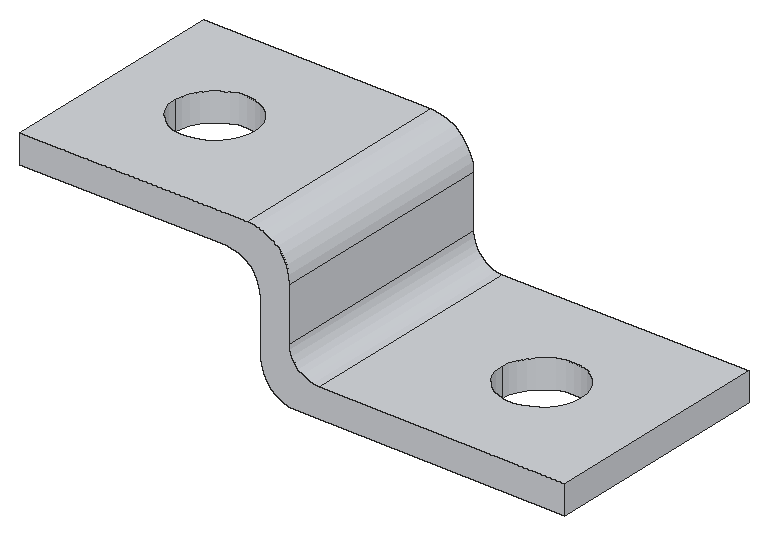
Revit family "MP24", category Generic Models, Revit 2017
Family settings
  Can host rebar = No
  Round Connector Dimension = Use Diameter
  Part Type = Normal
  Work Plane-Based = Yes
  Always vertical = No
  Cut with Voids When Loaded = No
  Shared = No
  Room Calculation Point = No
Parameters (values of type "NBS Standard Parameters")
  Weight = "0.185Kg"
  WarrantyStartDate [instance] = "1900-12-31T23:59:59"
  WarrantyGuarantorParts = "n/a"
  WarrantyGuarantorLabor = "n/a"
  WarrantyDurationUnit = "1 year"
  WarrantyDurationParts = "n/a"
  WarrantyDurationLabor = "n/a"
  WarrantyDescription = "n/a"
  Version = "1"
  Uniclass2 = "Pr_65_70_11_19"
  TagNumber [instance] = "n/a"
  SustainabilityPerformance = "n/a"
  Size = "21mm."
  Shape = "Flat"
  SerialNumber [instance] = "n/a"
  Revision = "n/a"
  ReplacementCost = "n/a"
  ProductInformation = "www.metpro.co.uk/pdf/mp24.pdf"
  NominalWidth = 40 mm
  NominalLength = 90 mm
  NominalHeight = 27 mm
  Name = ""
  NBSTypeID = ""
  NBSReference = "90-55-10/305"
  NBSOfficeMasterTag = ""
  NBSNote = ""
  NBSDescription = "Channel Cable Supports"
  NBSCertification = ""
  ModelReference = "MP24"
  ModelNumber = "n/a"
  Material = "Steel"
  ManufacturerURL = "www.metpro.co.uk"
  ManufacturerName = "Metpro Ltd"
  Keynote = "Complaint to LU Standard 1-085"
  InstallationDate [instance] = "1900-12-31T23:59:59"
  IfcExportType = ""
  IfcExportAs = ""
  Grade = "n/a"
  Finish = "Hot Dipped Galvanised"
  Features = "n/a"
  ExpectedLife = "n/a"
  DurationUnit = "year"
  Description = "MP24  21mm Z Bracket"
  Default Elevation = 1219.2 mm
  Constituents = "n/a"
  Color = "n/a"
  CodePerformance = "n/a"
  Category = "n/a"
  BarCode [instance] = "n/a"
  BIMObjectName = "metpro_metprolibrary_channelcablesupports_channelbrackets"
  Author = "Metpro Ltd"
  AssetType = ""
  AssetIdentifier [instance] = "n/a"
  AccessibilityPerformance = "n/a"
Reference planes
  plane 1 "Center (Front/Back)": y = 0
  plane 2: z = 0
  plane 3 "Center (Left/Right)": x = 0
Forms (mm)
  Extrusion 1, solid
    sketch origin (10.787, -4.099, 33.353) x (1, 0, 0) y (0, 0, -1)
      loop
        line (-15, 5) -> (-15, 0) -> (24.67, 0)
        arc (24.67, 0) -> (29.853, 2.147) -> (32, 7.33) r 7.33
        line (32, 7.33) -> (32, 16.5)
        arc (32, 16.5) -> (33.464, 20.036) -> (37, 21.5) r 5
        line (37, 21.5) -> (80, 21.5) -> (80, 26.5) -> (33.052, 26.5)
        arc (33.052, 26.5) -> (28.743, 24.715) -> (26.959, 20.407) r 6.093
        line (26.959, 20.407) -> (26.959, 11.185)
        arc (26.959, 11.185) -> (25.147, 6.812) -> (20.774, 5) r 6.185
        line (20.774, 5) -> (-15, 5)
    from 0 to 40
  Extrusion 2, void
    sketch origin (55.787, -4.099, 6.853) x (-1, 0, 0) y (0, -1, 0)
      loop
        circle (-15, -20) r 6.998
      loop
        circle (42.213, -20.232) r 7
    from -2.753 to 29.048
Cuts and joins
  Extrusion 2 cuts Extrusion 1
Dimensions and locks
  aligned and locked: level to plane 2
